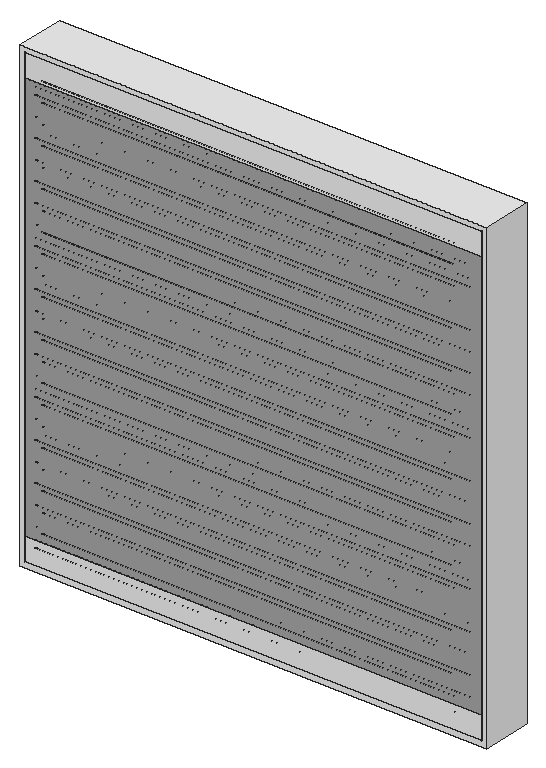
Revit family
Parameters (values of type "Louver_Miami-Dade_ECD-545-MD_Pottorff")
  Warranty = "http://www.pottorff.com/pottorff_warranty.pdf"
  URL = "http://www.pottorff.com"
  Spacing = 0.167 ft
  SmartBIM Object Version = 3  # constant formula
  SmartBIM Object Created By = "Reed Construction Data"  # constant formula
  Shim Thickness = 0.042 ft
  Screen Width = Width - (2 * Shim Thickness)  # 3.916 ft
  Screen Height = Height - (2 * 0.239583 ft)  # 3.520833 ft
  Screen = Aluminum
  Rough Width = 0.0 ft
  Rough Height = 0.0 ft
  Product URL = "http://www.pottorff.com/catalog.php?model=ECD-545-MD"
  Pressure Loss (in.wg.) = "0.22"  # constant formula
  OmniClass Title = "Exterior Louvers and Grilles"  # constant formula
  OmniClass Code = "23-60 11 17"  # constant formula
  Model = "ECD-545-MD"  # constant formula
  Minimum Size = "4.5\" x 5\""
  Maximum Size - Single Section = "60-1/2\" x 102-1/2\""
  Maximum Size - Multiple Section = "Unlimited width by 102-1/2\""
  Manufacturer = "Pottorff"
  Blades Width = Width - (2 * Shim Thickness) - 2 * 0.072917 ft  # 3.770167 ft
  Blades = Mill finish, 6063-T5 Extruded Aluminum
  Height = 4.0 ft
  Free Area for 48”x48” Louver = "46.3%"
  Free Area Velocity (fpm) = "1250"  # constant formula
  Free Area (ft²) for 48"x48" Louver = 7.4 ft
  Frame = Mill finish, 6063-T5 Extruded Aluminum
  Default Sill Height = 3.0 ft
  Wall Closure = (empty or 0)
  Width = 4.0 ft
  Cut Sheet = "http://www.pottorff.com/cat/ecd-545-md.pdf"
  Assembly Code = "B2010300"
  Air Volume Delivered (cfm) = "9250"  # constant formula
  95 CSI = "10200 "  # constant formula
  04 CSI = "08 91 00"  # constant formula
  # of Blades = (Height - 0.25 ft) / (Spacing)  # 22
Reference planes (ft)
  plane 1 "Center (Front/Back)": y = 0
  plane 2: z = 0.291667
  plane 3 "Center (Left/Right)": x = 0
  plane 4 "Left": x = -2
  plane 5 "Right": x = 2
  plane 6 "Sill": z = 3.291667
  plane 7 "Top": z = 7.291667
  plane 8: x = -1.958
  plane 9: x = 1.958
  plane 10: z = 7.249667
  plane 11: z = 3.333667
  plane 12: z = 5.291667
  plane 13: z = 3.417
  plane 14: z = 3.458667
  plane 15: z = 7.166333
  plane 16: z = 7.124667
Forms (ft)
  Sweep 1, solid, material "Mill finish, 6063-T5 Extruded Aluminum" <- "Frame"
    path origin (-5, 0.333333, 0) x (-1, 0, 0) y (0, 0, 1)
      loop
        line (-6.958, 7.249667) -> (-3.042, 7.249667)
    profile "Horizontal Mullion : Horizontal Mullion" origin (0, 0.333333, 7.249667) x (0, 0, 1) y (0, 1, 0)
      loop
        line (0, 0) -> (-0.083333, 0) -> (-0.083333, -0.416667) -> (-0.197917, -0.416667) -> (-0.197917, -0.423417) -> (0, -0.423417) -> (0, -0.38175) -> (-0.00675, -0.38175) -> (-0.00675, -0.416667) -> (-0.076583, -0.416667) -> (-0.076583, -0.006628) -> (-0.00675, -0.006628) -> (-0.00675, -0.041545) -> (0, -0.041545) -> (0, 0)
  Sweep 2, solid, material "Mill finish, 6063-T5 Extruded Aluminum" <- "Frame"
    path origin (-5, 0.333333, 0) x (-1, 0, 0) y (0, 0, 1)
      loop
        line (-6.958, 3.333667) -> (-3.042, 3.333667)
    profile "Horizontal Mullion : Horizontal Mullion" origin (0, 0.333333, 3.333667) x (0, 0, 1) y (0, 1, 0)
      loop
        line (0, 0) -> (0, -0.041545) -> (0.00675, -0.041545) -> (0.00675, -0.006628) -> (0.076583, -0.006628) -> (0.076583, -0.416667) -> (0.00675, -0.416667) -> (0.00675, -0.38175) -> (0, -0.38175) -> (0, -0.423417) -> (0.197917, -0.423417) -> (0.197917, -0.416667) -> (0.083333, -0.416667) -> (0.083333, 0) -> (0, 0)
  Sweep 3, solid, material "Mill finish, 6063-T5 Extruded Aluminum" <- "Frame"
    path origin (-5, 0.333333, 0) x (-1, 0, 0) y (0, 0, 1)
      loop
        line (-6.958, 3.417) -> (-6.958, 7.166333)
    profile "Vertical Mullion : Vertical Mullion" origin (1.958, 0.333333, 5.291667) x (1, 0, 0) y (0, 1, 0)
      loop
        line (-0.060752, -0.13838) -> (-0.066666, -0.141633) -> (-0.072917, -0.141633) -> (-0.072917, -0.149068) -> (-0.047462, -0.149068) -> (-0.047462, -0.163238) -> (-0.072917, -0.163238) -> (-0.072917, -0.169988) -> (-0.047462, -0.169988) -> (-0.047462, -0.184154) -> (-0.072917, -0.184154) -> (-0.072917, -0.190904) -> (-0.047462, -0.190904) -> (-0.047462, -0.20507) -> (-0.072917, -0.20507) -> (-0.072917, -0.21182) -> (-0.047462, -0.21182) -> (-0.047462, -0.225983) -> (-0.072917, -0.225983) -> (-0.072917, -0.232733) -> (-0.047462, -0.232733) -> (-0.047462, -0.246896) -> (-0.072917, -0.246896) -> (-0.072917, -0.253646) -> (-0.047462, -0.253646) -> (-0.047462, -0.267809) -> (-0.072917, -0.267809) -> (-0.072917, -0.274559) -> (-0.047462, -0.274559) -> (-0.047462, -0.288724) -> (-0.072917, -0.288724) -> (-0.072917, -0.295474) -> (-0.066666, -0.295474) -> (-0.060752, -0.298727)
        arc (-0.060752, -0.298727) -> (-0.047462, -0.302141) -> (-0.060752, -0.305555) r 0.007083
        line (-0.060752, -0.305555) -> (-0.066666, -0.308808) -> (-0.072917, -0.308808) -> (-0.072917, -0.373107) -> (-0.047462, -0.373107) -> (-0.047462, -0.388594) -> (-0.072917, -0.388594) -> (-0.072917, -0.394432) -> (-0.047462, -0.394432) -> (-0.047462, -0.409918) -> (-0.083333, -0.409918) -> (-0.083333, -0.416667) -> (0, -0.416667) -> (0, -0.389085) -> (-0.00675, -0.389085) -> (-0.00675, -0.409918) -> (-0.040712, -0.409918) -> (-0.040712, -0.366357) -> (-0.066167, -0.366357) -> (-0.066167, -0.315558) -> (-0.040712, -0.315558) -> (-0.040712, -0.121549) -> (-0.066167, -0.121549) -> (-0.066167, -0.070765) -> (-0.040712, -0.070765) -> (-0.040712, -0.049849) -> (0, -0.049849) -> (0, -0.000002) -> (-0.083333, -0.000002) -> (-0.083333, -0.006752) -> (-0.00675, -0.006752) -> (-0.00675, -0.043099) -> (-0.072917, -0.043099) -> (-0.072917, -0.049849) -> (-0.047462, -0.049849) -> (-0.047462, -0.064015) -> (-0.072917, -0.064015) -> (-0.072917, -0.128299) -> (-0.066666, -0.128299) -> (-0.060752, -0.131552)
        arc (-0.060752, -0.131552) -> (-0.047462, -0.134966) -> (-0.060752, -0.13838) r 0.007083
  Sweep 4, solid, material "Mill finish, 6063-T5 Extruded Aluminum" <- "Frame"
    path origin (5, 0.333333, 0) x (1, 0, 0) y (0, 0, -1)
      loop
        line (-6.958, -3.417) -> (-6.958, -7.166333)
    profile "Vertical Mullion : Vertical Mullion" origin (-1.958, 0.333333, 5.291667) x (1, 0, 0) y (0, 1, 0)
      loop
        arc (0.060752, -0.13838) -> (0.047462, -0.134966) -> (0.060752, -0.131552) r 0.007083
        line (0.060752, -0.131552) -> (0.066666, -0.128299) -> (0.072917, -0.128299) -> (0.072917, -0.064015) -> (0.047462, -0.064015) -> (0.047462, -0.049849) -> (0.072917, -0.049849) -> (0.072917, -0.043099) -> (0.00675, -0.043099) -> (0.00675, -0.006752) -> (0.083333, -0.006752) -> (0.083333, -0.000002) -> (0, -0.000002) -> (0, -0.049849) -> (0.040712, -0.049849) -> (0.040712, -0.070765) -> (0.066167, -0.070765) -> (0.066167, -0.121549) -> (0.040712, -0.121549) -> (0.040712, -0.315558) -> (0.066167, -0.315558) -> (0.066167, -0.366357) -> (0.040712, -0.366357) -> (0.040712, -0.409918) -> (0.00675, -0.409918) -> (0.00675, -0.389085) -> (0, -0.389085) -> (0, -0.416667) -> (0.083333, -0.416667) -> (0.083333, -0.409918) -> (0.047462, -0.409918) -> (0.047462, -0.394432) -> (0.072917, -0.394432) -> (0.072917, -0.388594) -> (0.047462, -0.388594) -> (0.047462, -0.373107) -> (0.072917, -0.373107) -> (0.072917, -0.308808) -> (0.066666, -0.308808) -> (0.060752, -0.305555)
        arc (0.060752, -0.305555) -> (0.047462, -0.302141) -> (0.060752, -0.298727) r 0.007083
        line (0.060752, -0.298727) -> (0.066666, -0.295474) -> (0.072917, -0.295474) -> (0.072917, -0.288724) -> (0.047462, -0.288724) -> (0.047462, -0.274559) -> (0.072917, -0.274559) -> (0.072917, -0.267809) -> (0.047462, -0.267809) -> (0.047462, -0.253646) -> (0.072917, -0.253646) -> (0.072917, -0.246896) -> (0.047462, -0.246896) -> (0.047462, -0.232733) -> (0.072917, -0.232733) -> (0.072917, -0.225983) -> (0.047462, -0.225983) -> (0.047462, -0.21182) -> (0.072917, -0.21182) -> (0.072917, -0.20507) -> (0.047462, -0.20507) -> (0.047462, -0.190904) -> (0.072917, -0.190904) -> (0.072917, -0.184154) -> (0.047462, -0.184154) -> (0.047462, -0.169988) -> (0.072917, -0.169988) -> (0.072917, -0.163238) -> (0.047462, -0.163238) -> (0.047462, -0.149068) -> (0.072917, -0.149068) -> (0.072917, -0.141633) -> (0.066666, -0.141633) -> (0.060752, -0.13838)
  Sweep 5, solid, material "Mill finish, 6063-T5 Extruded Aluminum" <- "Frame"
    path origin (-5, 0.333333, 0) x (-1, 0, 0) y (0, 0, 1)
      loop
        line (-3, 7.291667) -> (-7, 7.291667) -> (-7, 3.291667) -> (-3, 3.291667) -> (-3, 7.291667)
    profile origin (-2, 0.333333, 5.291667) x (0, 1, 0) y (-1, 0, 0)
      loop
        line (0, 0) -> (-0.423417, 0) -> (-0.423417, -0.042) -> (0, -0.042) -> (0, 0)
  Extrusion 6, solid, material "Aluminum" <- "Screen"
    sketch origin (-5, 0.333333, 0) x (-1, 0, 0) y (0, 0, 1)
      loop
        line (-3.042, 7.05175) -> (-6.958, 7.05175) -> (-6.958, 3.53125) -> (-3.042, 3.53125) -> (-3.042, 7.05175)
    from -0.423417 to -0.416667
Cuts and joins
  joined: Sweep 2, Sweep 3
Lines and regions (ft)
  Opening 1
    outline origin (-5, -0.333333, 0) x (1, 0, 0) y (0, 0, 1)
      loop
        line (3, 7.291667) -> (3, 3.291667) -> (7, 3.291667) -> (7, 7.291667) -> (3, 7.291667)
Text (ft)
  text "EXTERIOR" at (-4.890733, 4.242245, 0), in view "Ref. Level"
  text "INTERIOR" at (-4.890733, -3.147199, 0), in view "Ref. Level"
  text "Exterior" at (0, 3.638026, 10.266337), in view "Left"
  text "Exterior" at (0, 1.524487, 10.420622), in view "Right"
Dimensions and locks (ft)
  equal spacing: plane 4 "Left", plane 3 "Center (Left/Right)", plane 5 "Right"
  "Width": plane 4 "Left" to plane 5 "Right"
  "Height": plane 6 "Sill" to plane 7 "Top"
  "Default Sill Height": plane 2 to plane 6 "Sill"
  "Shim Thickness": plane 4 "Left" to plane 8
  "Shim Thickness": plane 9 to plane 5 "Right"
  "Shim Thickness": plane 10 to plane 7 "Top"
  "Shim Thickness": plane 6 "Sill" to plane 11
  equal spacing: plane 11, plane 12, plane 10
  locked: plane 13 to plane 11 at 0.083333
  locked: plane 14 to plane 13 at 0.041667
  locked: plane 10 to plane 15 at 0.083333
  locked: plane 15 to plane 16 at 0.041667
  Extrusion 6 to plane 6 "Sill" = 0.239583 ft
  equal spacing: group 1, group 3, group 4, group 5, group 6, group 7, group 8, group 9, group 10, group 11, group 12, group 13, group 14, group 15, group 16, group 17, group 18, group 19, group 20, group 21, group 22, group 2  (x2)
  equal spacing: group 2, group 22, group 21, group 20, group 19, group 18, group 17, group 16, group 15, group 14, group 13, group 12, group 11, group 10, group 9, group 8, group 7, group 6, group 5, group 4, group 3, group 1
  aligned and locked: plane 7 "Top" to Opening 1 sketch curve
  aligned and locked: plane 6 "Sill" to Opening 1 sketch curve  (x2)
  aligned and locked: plane 5 "Right" to Opening 1 sketch curve
  aligned and locked: plane 4 "Left" to Opening 1 sketch curve
  aligned and locked: plane 10 to Sweep 1 sketch curve
  aligned and locked: plane 8 to Sweep 1 sketch curve
  aligned and locked: plane 9 to Sweep 1 sketch curve
  aligned and locked: Sweep 2 sketch curve to plane 11
  aligned and locked: plane 9 to Sweep 2 sketch curve
  aligned and locked: plane 8 to Sweep 2 sketch curve
  aligned and locked: plane 9 to Sweep 3 sketch curve
  aligned and locked: Sweep 4 sketch curve to plane 8
  aligned and locked: cut or joined group of Sweep 2, Sweep 3 to Sweep 3 sketch curve
  aligned and locked: Sweep 4 sketch curve to cut or joined group of Sweep 2, Sweep 3
  aligned and locked: Sweep 1 to Sweep 4 sketch curve
  aligned and locked: Sweep 5 sketch curve to plane 4 "Left"
  aligned and locked: Sweep 5 sketch curve to plane 7 "Top"
  aligned and locked: Sweep 5 sketch curve to plane 6 "Sill"
  aligned and locked: Sweep 5 sketch curve to plane 5 "Right"
  aligned and locked: Sweep 5 sketch curve to host wall  (x2)
  aligned and locked: plane 8 to Sweep 5 sketch curve
  aligned and locked: cut or joined group of Sweep 2, Sweep 3 to Sweep 5 sketch curve
  aligned and locked: plane 15 to Sweep 3 sketch curve
  aligned and locked: Extrusion 6 sketch curve to Sweep 1
  aligned and locked: Sweep 5 to Extrusion 6 sketch curve  (x2)
  aligned: Extrusion 6 to cut or joined group of Sweep 2, Sweep 3
  aligned and locked: Sweep 5 to Extrusion 6
  aligned and locked: plane 3 "Center (Left/Right)" to nested 1
  aligned and locked: plane 14 to nested 1
  aligned and locked: nested 1 to Sweep 4
  aligned and locked: plane 16 to nested 2
  aligned and locked: nested 2 to Sweep 4
  aligned and locked: plane 3 "Center (Left/Right)" to nested 2
Automatic sketch dimensions
  Extrusion 6 sketch curve to plane 6 "Sill" = 0.239583 ft
Nested families (ft)
  nested 1: "Louver" at (0, 0.12541, 3.458667), type "Louver"
    with Louver Length 3.770167 ft
  nested 2: "Louver" at (0, 0.124587, 6.937807), type "Louver"
    with Louver Length 3.770167 ft
  nested 3: "Louver" at (0, 0.125371, 3.62434), type "Louver"
    with Louver Length 3.770167 ft
  nested 4: "Louver" at (0, 0.125332, 3.790013), type "Louver"
    with Louver Length 3.770167 ft
  nested 5: "Louver" at (0, 0.125292, 3.955687), type "Louver"
    with Louver Length 3.770167 ft
  nested 6: "Louver" at (0, 0.125253, 4.12136), type "Louver"
    with Louver Length 3.770167 ft
  nested 7: "Louver" at (0, 0.125214, 4.287033), type "Louver"
    with Louver Length 3.770167 ft
  nested 8: "Louver" at (0, 0.125175, 4.452707), type "Louver"
    with Louver Length 3.770167 ft
  nested 9: "Louver" at (0, 0.125136, 4.61838), type "Louver"
    with Louver Length 3.770167 ft
  nested 10: "Louver" at (0, 0.125096, 4.784053), type "Louver"
    with Louver Length 3.770167 ft
  nested 11: "Louver" at (0, 0.125057, 4.949727), type "Louver"
    with Louver Length 3.770167 ft
  nested 12: "Louver" at (0, 0.125018, 5.1154), type "Louver"
    with Louver Length 3.770167 ft
  nested 13: "Louver" at (0, 0.124979, 5.281073), type "Louver"
    with Louver Length 3.770167 ft
  nested 14: "Louver" at (0, 0.12494, 5.446747), type "Louver"
    with Louver Length 3.770167 ft
  nested 15: "Louver" at (0, 0.124901, 5.61242), type "Louver"
    with Louver Length 3.770167 ft
  nested 16: "Louver" at (0, 0.124861, 5.778093), type "Louver"
    with Louver Length 3.770167 ft
  nested 17: "Louver" at (0, 0.124822, 5.943767), type "Louver"
    with Louver Length 3.770167 ft
  nested 18: "Louver" at (0, 0.124783, 6.10944), type "Louver"
    with Louver Length 3.770167 ft
  nested 19: "Louver" at (0, 0.124744, 6.275113), type "Louver"
    with Louver Length 3.770167 ft
  nested 20: "Louver" at (0, 0.124705, 6.440787), type "Louver"
    with Louver Length 3.770167 ft
  nested 21: "Louver" at (0, 0.124665, 6.60646), type "Louver"
    with Louver Length 3.770167 ft
  nested 22: "Louver" at (0, 0.124626, 6.772134), type "Louver"
    with Louver Length 3.770167 ft
Connectors (ft)
  hvac at (0, -0.090083, 5.2915), driven by "Screen Height", driven by "Screen Width"
    settings: on Extrusion 6, index 1
Definition of nested family "Louver"
  Parameters (values of type "Louver")
    q = 0.402344 ft
    Louver Length = 4.75 ft
    Louver Array = yes
    Louver = none
    Assembly Code = ""
  Reference planes (ft)
    plane 1 "Center (Front/Back)": y = 0
    plane 2: z = 0
    plane 3 "Center (Left/Right)": x = 0
    plane 4: x = -2.375
    plane 5: x = 2.375
    plane 6: z = 0.494792
    plane 7: y = 0.201172
    plane 8: y = -0.201172
    plane 9: z = 0.18686
  Forms (ft)
    Extrusion 1, solid, material <- "Louver", visible <- "Louver Array"
      sketch origin (0, -0.020833, 0) x (0, 1, 0) y (0, 0, 1)
        loop
          arc (0.13468, 0.080242) -> (0.134685, 0.075797) -> (0.136266, 0.071643) r 0.012329
          arc (0.136266, 0.071643) -> (0.141125, 0.070592) -> (0.141287, 0.075561) r 0.003237
          arc (0.141287, 0.075561) -> (0.148732, 0.08377) -> (0.149727, 0.072732) r 0.006051
          arc (0.149727, 0.072732) -> (0.149789, 0.069321) -> (0.153169, 0.068853) r 0.002625
          arc (0.153169, 0.068853) -> (0.156607, 0.072673) -> (0.15797, 0.077628) r 0.011168
          arc (0.15797, 0.077628) -> (0.159196, 0.077084) -> (0.160408, 0.076509) r 0.052796
          line (0.160408, 0.076509) -> (0.216056, 0.000985)
          arc (0.216056, 0.000985) -> (0.219793, 0) -> (0.222005, 0.003168) r 0.003375
          line (0.222005, 0.003168) -> (0.222005, 0.049944)
          arc (0.222005, 0.049944) -> (0.21938, 0.052569) -> (0.216755, 0.049944) r 0.002625
          line (0.216755, 0.049944) -> (0.216755, 0.00928) -> (0.164491, 0.080212)
          arc (0.164491, 0.080212) -> (0.149223, 0.089905) -> (0.131412, 0.086765) r 0.025
          arc (0.131412, 0.086765) -> (0.094659, 0.102308) -> (0.061638, 0.124714) r 0.203822
          arc (0.061638, 0.124714) -> (0.029623, 0.13426) -> (-0.002026, 0.123565) r 0.05513
          arc (-0.002026, 0.123565) -> (-0.008846, 0.120237) -> (-0.016416, 0.11971) r 0.019853
          arc (-0.016416, 0.11971) -> (-0.021197, 0.119534) -> (-0.025911, 0.118717) r 0.035482
          arc (-0.025911, 0.118717) -> (-0.009614, 0.136198) -> (0.004952, 0.155146) r 0.251868
          arc (0.004952, 0.155146) -> (0.033671, 0.181337) -> (0.068791, 0.164685) r 0.034874
          arc (0.068791, 0.164685) -> (0.07264, 0.163748) -> (0.073034, 0.16769) r 0.002625
          arc (0.073034, 0.16769) -> (0.036201, 0.186819) -> (0.002184, 0.16304) r 0.040059
          arc (0.002184, 0.16304) -> (-0.04072, 0.109973) -> (-0.096576, 0.070769) r 0.245447
          arc (-0.096576, 0.070769) -> (-0.115253, 0.077415) -> (-0.118765, 0.057905) r 0.012998
          arc (-0.118765, 0.057905) -> (-0.134735, 0.047206) -> (-0.153586, 0.043447) r 0.049163
          line (-0.153586, 0.043447) -> (-0.175089, 0.043447) -> (-0.175089, 0.048269)
          arc (-0.175089, 0.048269) -> (-0.17379, 0.053912) -> (-0.170154, 0.058419) r 0.012906
          arc (-0.170154, 0.058419) -> (-0.16974, 0.06212) -> (-0.173443, 0.062511) r 0.002625
          arc (-0.173443, 0.062511) -> (-0.178524, 0.056181) -> (-0.180339, 0.048269) r 0.018155
          line (-0.180339, 0.048269) -> (-0.180339, 0.003249)
          arc (-0.180339, 0.003249) -> (-0.178758, 0.000347) -> (-0.175463, 0.000098) r 0.003456
          line (-0.175463, 0.000098) -> (-0.148923, 0.012057)
          arc (-0.148923, 0.012057) -> (-0.147608, 0.015529) -> (-0.151079, 0.016843) r 0.002625
          line (-0.151079, 0.016843) -> (-0.175089, 0.006025) -> (-0.175089, 0.038239) -> (-0.153586, 0.038239)
          arc (-0.153586, 0.038239) -> (-0.132452, 0.042515) -> (-0.114641, 0.05467) r 0.054371
          arc (-0.114641, 0.05467) -> (-0.1111, 0.053464) -> (-0.107362, 0.053316) r 0.013006
          arc (-0.107362, 0.053316) -> (-0.10495, 0.056406) -> (-0.10833, 0.058391) r 0.002606
          arc (-0.10833, 0.058391) -> (-0.1144, 0.071515) -> (-0.100944, 0.066222) r 0.007789
          arc (-0.100944, 0.066222) -> (-0.096656, 0.062211) -> (-0.09322, 0.066972) r 0.003912
          arc (-0.09322, 0.066972) -> (-0.062075, 0.086066) -> (-0.034049, 0.109499) r 0.249719
          arc (-0.034049, 0.109499) -> (-0.025801, 0.113274) -> (-0.016805, 0.114428) r 0.030191
          arc (-0.016805, 0.114428) -> (-0.007392, 0.115148) -> (0.001092, 0.119289) r 0.025144
          arc (0.001092, 0.119289) -> (0.029464, 0.128963) -> (0.058253, 0.120613) r 0.049838
          arc (0.058253, 0.120613) -> (0.094358, 0.096436) -> (0.13468, 0.080242) r 0.209139
      from -2.375 to 2.375
  Dimensions and locks (ft)
    equal spacing: plane 4, plane 3 "Center (Left/Right)", plane 5
    "Louver Length": plane 4 to plane 5
    locked: plane 6 to level at 0.494792
    "q": plane 8 to plane 7
    equal spacing: plane 8, plane 1 "Center (Front/Back)", plane 7
    aligned and locked: Extrusion 1 to plane 4
    aligned and locked: plane 5 to Extrusion 1
  Automatic sketch dimensions
    Extrusion 1 sketch curve to Extrusion 1 sketch curve = 0.0 ft  (x22)
    Extrusion 1 sketch curve to plane 8 = 0.0 ft
    Extrusion 1 sketch curve to plane 7 = 0.0 ft
    plane 8 to Extrusion 1 sketch curve = 0.021449 ft
    Extrusion 1 sketch curve to Extrusion 1 sketch curve = 0.006028 ft
    Extrusion 1 sketch curve to Extrusion 1 sketch curve = 0.000469 ft
    Extrusion 1 sketch curve to Extrusion 1 sketch curve = 0.003456 ft
    level to Extrusion 1 sketch curve = 0.000098 ft
    Extrusion 1 sketch curve to Extrusion 1 sketch curve = 0.00142 ft
    Extrusion 1 sketch curve to plane 8 = 0.00525 ft
    Extrusion 1 sketch curve to Extrusion 1 sketch curve = 0.001794 ft
    Extrusion 1 sketch curve to plane 8 = 0.006895 ft
    Extrusion 1 sketch curve to Extrusion 1 sketch curve = 0.001658 ft
    Extrusion 1 sketch curve to Extrusion 1 sketch curve = 0.001632 ft
    Extrusion 1 sketch curve to Extrusion 1 sketch curve = 0.012906 ft
    Extrusion 1 sketch curve to plane 8 = 0.026752 ft
    Extrusion 1 sketch curve to Extrusion 1 sketch curve = 0.002507 ft
    Extrusion 1 sketch curve to Extrusion 1 sketch curve = 0.001078 ft  (x2)
    Extrusion 1 sketch curve to Extrusion 1 sketch curve = 0.034822 ft
    Extrusion 1 sketch curve to Extrusion 1 sketch curve = 0.004124 ft
    Extrusion 1 sketch curve to Extrusion 1 sketch curve = 0.005908 ft
    Extrusion 1 sketch curve to Extrusion 1 sketch curve = 0.000012 ft
    Extrusion 1 sketch curve to Extrusion 1 sketch curve = 0.006311 ft
    Extrusion 1 sketch curve to Extrusion 1 sketch curve = 0.00082 ft
    Extrusion 1 sketch curve to Extrusion 1 sketch curve = 0.000148 ft
    Extrusion 1 sketch curve to Extrusion 1 sketch curve = 0.007777 ft
    Extrusion 1 sketch curve to Extrusion 1 sketch curve = 0.00391 ft
    Extrusion 1 sketch curve to Extrusion 1 sketch curve = 0.000458 ft
    Extrusion 1 sketch curve to Extrusion 1 sketch curve = 0.003814 ft
    plane 1 "Center (Front/Back)" to Extrusion 1 sketch curve = 0.054882 ft
    Extrusion 1 sketch curve to Extrusion 1 sketch curve = 0.008138 ft
    Extrusion 1 sketch curve to Extrusion 1 sketch curve = 0.016545 ft
    Extrusion 1 sketch curve to Extrusion 1 sketch curve = 0.009105 ft
    Extrusion 1 sketch curve to Extrusion 1 sketch curve = 0.000389 ft
    Extrusion 1 sketch curve to Extrusion 1 sketch curve = 0.002433 ft
    Extrusion 1 sketch curve to Extrusion 1 sketch curve = 0.01439 ft
    Extrusion 1 sketch curve to Extrusion 1 sketch curve = 0.003118 ft
    plane 1 "Center (Front/Back)" to Extrusion 1 sketch curve = 0.018649 ft
    Extrusion 1 sketch curve to Extrusion 1 sketch curve = 0.002768 ft
    Extrusion 1 sketch curve to plane 1 "Center (Front/Back)" = 0.009784 ft
    Extrusion 1 sketch curve to plane 1 "Center (Front/Back)" = 0.017991 ft
    Extrusion 1 sketch curve to Extrusion 1 sketch curve = 0.019429 ft
    Extrusion 1 sketch curve to Extrusion 1 sketch curve = 0.003385 ft
    Extrusion 1 sketch curve to plane 9 = 0.022175 ft
    Extrusion 1 sketch curve to Extrusion 1 sketch curve = 0.029966 ft
    Extrusion 1 sketch curve to Extrusion 1 sketch curve = 0.002332 ft
    Extrusion 1 sketch curve to Extrusion 1 sketch curve = 0.001911 ft
    Extrusion 1 sketch curve to Extrusion 1 sketch curve = 0.069774 ft
    Extrusion 1 sketch curve to Extrusion 1 sketch curve = 0.003268 ft
    Extrusion 1 sketch curve to Extrusion 1 sketch curve = 0.001586 ft
    Extrusion 1 sketch curve to Extrusion 1 sketch curve = 0.00091 ft
    Extrusion 1 sketch curve to Extrusion 1 sketch curve = 0.002868 ft
    Extrusion 1 sketch curve to Extrusion 1 sketch curve = 0.002153 ft
    Extrusion 1 sketch curve to Extrusion 1 sketch curve = 0.00523 ft
    Extrusion 1 sketch curve to Extrusion 1 sketch curve = 0.005522 ft
    Extrusion 1 sketch curve to Extrusion 1 sketch curve = 0.002917 ft
    Extrusion 1 sketch curve to Extrusion 1 sketch curve = 0.002026 ft
    Extrusion 1 sketch curve to Extrusion 1 sketch curve = 0.001416 ft
    Extrusion 1 sketch curve to Extrusion 1 sketch curve = 0.006218 ft
    Extrusion 1 sketch curve to Extrusion 1 sketch curve = 0.002438 ft
    Extrusion 1 sketch curve to Extrusion 1 sketch curve = 0.004082 ft
    Extrusion 1 sketch curve to plane 7 = 0.029964 ft
    level to Extrusion 1 sketch curve = 0.000985 ft
    Extrusion 1 sketch curve to plane 7 = 0.005949 ft
    Extrusion 1 sketch curve to plane 7 = 0.00525 ft
    level to Extrusion 1 sketch curve = 0.003168 ft
    Extrusion 1 sketch curve to Extrusion 1 sketch curve = 0.002776 ft
    Extrusion 1 sketch curve to Extrusion 1 sketch curve = 0.006111 ft
    level to Extrusion 1 sketch curve = 0.012057 ft
    Extrusion 1 sketch curve to Extrusion 1 sketch curve = 0.002393 ft
    level to Extrusion 1 sketch curve = 0.0291 ft
    Extrusion 1 sketch curve to Extrusion 1 sketch curve = 0.021396 ft
    Extrusion 1 sketch curve to Extrusion 1 sketch curve = 0.005208 ft
    Extrusion 1 sketch curve to Extrusion 1 sketch curve = 0.004822 ft
    Extrusion 1 sketch curve to Extrusion 1 sketch curve = 0.040664 ft
    Extrusion 1 sketch curve to Extrusion 1 sketch curve = 0.009868 ft
    Extrusion 1 sketch curve to Extrusion 1 sketch curve = 0.001354 ft
    Extrusion 1 sketch curve to Extrusion 1 sketch curve = 0.002602 ft
    Extrusion 1 sketch curve to Extrusion 1 sketch curve = 0.036282 ft
    Extrusion 1 sketch curve to Extrusion 1 sketch curve = 0.000146 ft
    Extrusion 1 sketch curve to Extrusion 1 sketch curve = 0.00008 ft
    Extrusion 1 sketch curve to Extrusion 1 sketch curve = 0.003471 ft
    Extrusion 1 sketch curve to Extrusion 1 sketch curve = 0.00221 ft
    Extrusion 1 sketch curve to Extrusion 1 sketch curve = 0.006261 ft
    Extrusion 1 sketch curve to Extrusion 1 sketch curve = 0.001501 ft
    level to Extrusion 1 sketch curve = 0.079138 ft
    Extrusion 1 sketch curve to Extrusion 1 sketch curve = 0.003702 ft
    Extrusion 1 sketch curve to Extrusion 1 sketch curve = 0.005106 ft
    Extrusion 1 sketch curve to Extrusion 1 sketch curve = 0.025254 ft
    Extrusion 1 sketch curve to Extrusion 1 sketch curve = 0.004289 ft
    Extrusion 1 sketch curve to Extrusion 1 sketch curve = 0.022132 ft
    Extrusion 1 sketch curve to Extrusion 1 sketch curve = 0.007894 ft
